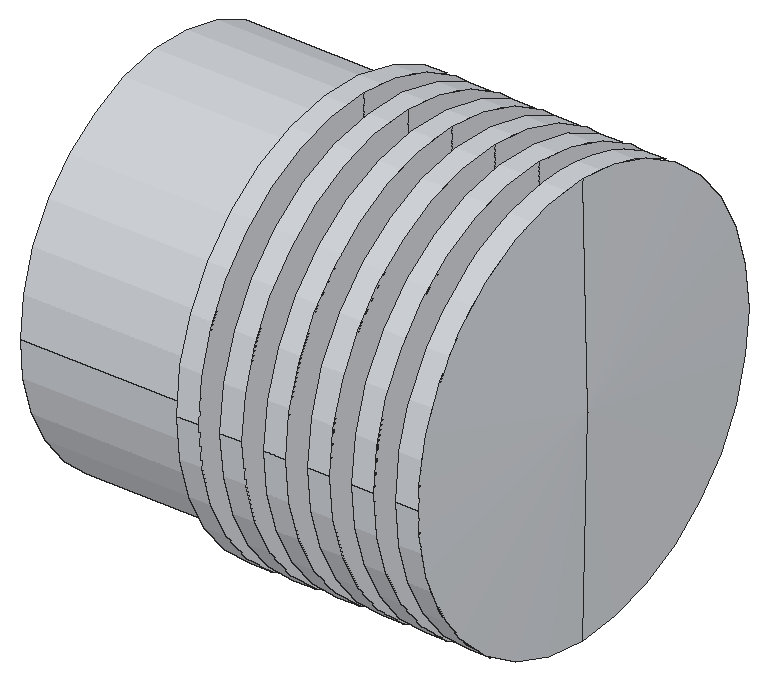
Revit family "Terminal de ventilação - PVC - SW", category Conexões de tubo, Revit 2019
Family settings
  Cota do conector redondo = Usar raio
  Tipo de parte = Cobertura
  Com base no plano de trabalho = Não
  Sempre na vertical = Sim
  Corte com vazios quando carregada = Não
  Compartilhado = Não
Parameters (values of type "Padrão")
  Tamanho da marca de revisão [instance] = Diâmetro externo da conexão * 0.4  # 22.4 mm
  Filtro [instance] = Raio + 7.50 mm  # 38.3 mm
  Nome da tabela de pesquisa = "BR_Vent Terminal - PVC - SW"
  Keynote = ""
  Diâmetro nominal [instance] = Raio nominal * 2  # 50 mm
  Model = ""
  Manufacturer = ""
  Loss Method = (empty or 0)
  Comprimento 2 [instance] = size_lookup(Nome da tabela de pesquisa, "Lgt2", 0.086 * Diâmetro nominal + 34.95 mm, Diâmetro nominal)  # 39.2 mm
  Comprimento 1 [instance] = size_lookup(Nome da tabela de pesquisa, "Lgt1", 0.284 * Diâmetro nominal + 10.90 mm, Diâmetro nominal)  # 25.5 mm
  Tabela de coeficiente K = "Redutor/Acoplamento/União/Redutor"
  Raio nominal [instance] = 25 mm
  Raio [instance] = Raio externo da conexão * 1.1  # 30.8 mm
  Raio externo da conexão [instance] = Diâmetro externo da conexão / 2  # 28 mm
  Diâmetro externo da conexão [instance] = size_lookup(Nome da tabela de pesquisa, "FOD", Diâmetro nominal + 6.00 mm, Diâmetro nominal)  # 56 mm
Reference planes
  plane 1 "Centro (Frente/Trás)": y = 0
  plane 2: z = 0
  plane 3 "Centro (Esquerda/Direita)": x = 0
  plane 4: y = 22.4
  plane 5: y = -22.4
  plane 6: x = 25.5
Forms (mm)
  Sweep 1, solid, detail levels fine
    path origin (0, 0, 0) x (1, 0, 0) y (0, 1, 0)
      loop
        line (25.5, 0) -> (64.7, 0)
    profile origin (45.1, 0, 0) x (0, 1, 0) y (0, 0, 1)
      loop
        circle (0, 0) r 30.8
  Revolve 2, void
    sketch origin (0, 0, 0) x (1, 0, 0) y (0, 0, 1)
      loop
        line (61.433, 31.094) -> (62.2, 0) -> (64.7, 0) -> (64.7, 38.3) -> (61.433, 38.3) -> (61.433, 31.094)
      loop
        line (58.167, 38.3) -> (54.9, 38.3) -> (54.9, 20.8) -> (58.167, 20.8) -> (58.167, 38.3)
      loop
        line (51.633, 38.3) -> (48.367, 38.3) -> (48.367, 20.8) -> (51.633, 20.8) -> (51.633, 38.3)
      loop
        line (45.1, 38.3) -> (41.833, 38.3) -> (41.833, 20.8) -> (45.1, 20.8) -> (45.1, 38.3)
      loop
        line (38.567, 38.3) -> (35.3, 38.3) -> (35.3, 20.8) -> (38.567, 20.8) -> (38.567, 38.3)
      loop
        line (32.033, 38.3) -> (28.767, 38.3) -> (28.767, 20.8) -> (32.033, 20.8) -> (32.033, 38.3)
      axis (28.767, 0) -> (64.7, 0)
    angle from 0 to 360
  Sweep 3, solid, detail levels fine
    path origin (0, 0, 0) x (1, 0, 0) y (0, 1, 0)
      loop
        line (0, 0) -> (25.5, 0)
    profile origin (12.75, 0, 0) x (0, 1, 0) y (0, 0, 1)
      loop
        circle (0, 0) r 28
Cuts and joins
  Revolve 2 cuts Sweep 1
  joined: Sweep 1, Sweep 3
Lines and regions (mm)
  reference lines
    curve 1: line (25.5, 0, 0) -> (0, 0, 0)
    curve 2: line (64.7, 0, 0) -> (25.5, 0, 0)
  model lines, detail levels coarse+medium
    curve 3: line (25.5, 22.4, 0) -> (0, 22.4, 0)
    curve 4: line (25.5, -22.4, 0) -> (0, -22.4, 0)
    curve 5: line (25.5, -22.4, 0) -> (25.5, 22.4, 0)
Dimensions and locks
  equal spacing: plane 5, plane 1 "Centro (Frente/Trás)", plane 4
  "Tamanho da marca de revisão": plane 1 "Centro (Frente/Trás)" to plane 4
  "Comprimento 2": plane 6 to curve 2
  "Comprimento 1": plane 3 "Centro (Esquerda/Direita)" to plane 6
  "Comprimento 2": plane 6 to Sweep 1 sketch curve
  "Filtro": Revolve 2 sketch curve to level
  locked: Revolve 2 sketch curve to Revolve 2 sketch curve at 17.5
  "Comprimento 2": Revolve 2 sketch curve to plane 6
  equal spacing: Revolve 2 sketch curve, Revolve 2 sketch curve, Revolve 2 sketch curve, Revolve 2 sketch curve, Revolve 2 sketch curve, Revolve 2 sketch curve, Revolve 2 sketch curve, Revolve 2 sketch curve, Revolve 2 sketch curve, Revolve 2 sketch curve, Revolve 2 sketch curve, Revolve 2 sketch curve, plane 6
  "Raio": radius of Sweep 1 sketch curve
  "Raio externo da conexão": radius of Sweep 3 sketch curve
  aligned and locked: level to plane 2
  aligned and locked: plane 6 to Sweep 1 sketch curve
  aligned and locked: Revolve 2 sketch curve to Revolve 2 sketch curve  (x10)
  aligned and locked: Revolve 2 sketch curve to level
  aligned and locked: curve 5 to plane 6
  aligned and locked: curve 3 to plane 4
  aligned and locked: curve 4 to plane 5
  aligned and locked: plane 3 "Centro (Esquerda/Direita)" to Sweep 3 sketch curve
  aligned and locked: plane 6 to Sweep 3 sketch curve
  aligned and locked: plane 1 "Centro (Frente/Trás)" to Sweep 3 sketch curve
Automatic sketch dimensions
  plane 1 "Centro (Frente/Trás)" to curve 1 = 0.00 mm
  curve 1 to plane 3 "Centro (Esquerda/Direita)" = 0.00 mm
  plane 3 "Centro (Esquerda/Direita)" to curve 2 = 25.50 mm
  plane 1 "Centro (Frente/Trás)" to Sweep 1 sketch curve = 0.00 mm
  Sweep 1 sketch curve to level = 0.00 mm
  Sweep 1 sketch curve to profile plane = 0.00 mm
  Revolve 2 sketch curve to Revolve 2 sketch curve = 2.50 mm
  Revolve 2 sketch curve to Revolve 2 sketch curve = 0.00 mm
  Revolve 2 sketch curve to Revolve 2 sketch curve = 10.00 mm
  Revolve 2 sketch curve to Revolve 2 sketch curve = 7.206 mm
  curve 3 to plane 3 "Centro (Esquerda/Direita)" = 0.00 mm
  curve 4 to plane 3 "Centro (Esquerda/Direita)" = 0.00 mm
  Sweep 3 sketch curve to level = 0.00 mm
  Sweep 3 sketch curve to profile plane = 0.00 mm
Connectors
  piping at (0, 0, 0), diameter 50, driven by "Raio nominal"
    settings: on Sweep 3, index 1, connector inside diameter 50 mm, connector length 0.00 mm, flow factor 0, pipe flow 0.0 L/s, pressure drop 0.0 Pa, fitting loss kfactor 0, connector angle 0.00°, fixture units 0, engagement length 0.00 mm, angle of deflection 0.00°, flow configuration 0, flow direction 0, fitting loss method 0, system type 28, joint type 0, gender type 0, connector reference index -1, connector utility 0, adjustable connector no, is connector primary yes, connector description ""
